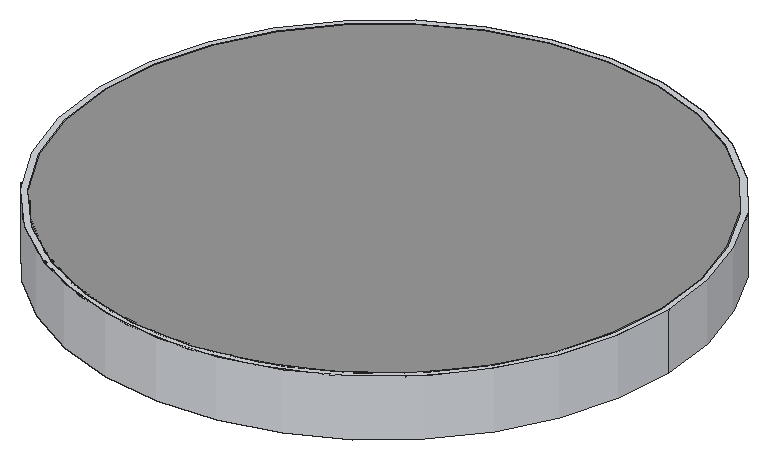
Revit family "2071180", category Lighting Fixtures, host Face, Revit 2018
Family settings
  Host = Face
  Round Connector Dimension = Use Diameter
  Part Type = Normal
  OmniClass Number = 23.80.70.00
  OmniClass Title = Lighting
  Cut with Voids When Loaded = No
  Light Source = Yes
  Shared = No
  Room Calculation Point = No
Parameters (values of type "2071180 COLOSSAL 600 840 PR DIR WHT EM")
  iner diameter = 588 mm
  Weight = "n/a"
  Wattage Comments = ""
  Wattage = 30 W
  WarrantyStartDate [instance] = "n/a"
  WarrantyGuarantorParts = "n/a"
  WarrantyDurationUnit = "n/a"
  WarrantyDurationParts = ""
  WarrantyDescription = "http://www.sylvania-lighting.com"
  built-in parameter 1150110 = 1 (stored number, unit not read)
  Voltage = 230 V
  URL = "0.95"
  TypeName = "COLOSSAL 600mm 840 PRISM DIR WHITE EM"
  Type Image = <None>
  Type Comments = "n/a"
  built-in parameter 1114217 = 1 (stored number, unit not read)
  Tilt Angle = -90.00°
  built-in parameter 1150109 = 1 (stored number, unit not read)
  built-in parameter 1150134 = (empty or 0)
  built-in parameter 1150113 = 1 (stored number, unit not read)
  SerialNumber [instance] = "n/a"
  Photometric Web File = "2071180.ies"
  Material_3_SYL = LED-Sylvania
  PowerFactor = 0
  PowerConsumption = "Lighting"
  NominalLength = 600 mm
  NominalHeight = 93 mm
  NominalDepth = 600 mm
  Name = "COLOSSAL 600mm 840 PRISM DIR WHITE EM"
  ModelReference = Name  # "COLOSSAL 600mm 840 PRISM DIR WHITE EM"
  ModelNumber = "2071180"
  Model = Name  # "COLOSSAL 600mm 840 PRISM DIR WHITE EM"
  Material = "Feilo Sylvania"
  ManufacturerName = "124 lm/W"
  Manufacturer = ""
  LuminousEfficacy = ""
  built-in parameter 1150105 = 270.44 (stored number, unit not read)
  Lumens = 3398.4 lm
  LuminaireType = "0"
  built-in parameter 1150115 = 1 (stored number, unit not read)
  LightOutputRatio = "LED"
  built-in parameter 1150137 = (empty or 0)
  built-in parameter 1150139 = (empty or 0)
  LampsType = Lamp  # "n/a"
  LampNominalLuminous = "4000 K"
  LampMacAdamStep = "80"
  LampColourTemperature = "LED"
  LampColourRenderingIndex = "16500"
  built-in parameter 1150112 = 1 (stored number, unit not read)
  built-in parameter 1150114 = 1 (stored number, unit not read)
  Lamp = "n/a"
  Keynote = "n/a"
  InstallationDate [instance] = "n/a"
  InputVoltage = "0"
  InputNominalFrequency = "4000"
  built-in parameter 1150132 = (empty or 0)
  built-in parameter 1150102 = (empty or 0)
  built-in parameter 1150107 = 3000 (stored number, unit not read)
  built-in parameter 1150138 = (empty or 0)
  IngressProtection = "IfcLightFixtureType"
  ImpactProtectionIndex = "IfcLightFixtureType"
  built-in parameter 1150106 = 2.7044 (stored number, unit not read)
  IfcExportType = "IfcLightFixtureType"
  IfcExportAs = "Class I"
  Emit from Circle Diameter = 385 mm
  Emit Shape Visible in Rendering = no
  ElectricShockClassification = "124"
  built-in parameter 1150104 = 10.524 (stored number, unit not read)
  DocumentationLiterature = "http://www.sylvania-lighting.com/product/en-int/products/2071180"
  DimmingControlOptions = "n/a"
  Material_2_SYL = Polycarbonate_Sylvania_White
  Dimming Lamp Color Temperature Shift = <None>
  Description = "600mm diameter circular architectural luminaire, can be surface mounted or suspended. Powder coated aluminium housing (RAL9016) with PMMA prismatic diffuser. Direct light distribution, 3995lm luminuous flux, 32.1W system power, 125lm/W luminiaire efficacy. Constant current driver. 3 hours integrated emergency. Colour rendering index Ra >80, 4000K Neutral White LED, chromaticity tolerance of 3-step MacAdam ellipse. IP40, IK03. 350mA drive current. UGR≤19. Electrical protection Class1, 220-240V. Reported lifetime 66k hours L90B10."
  Default Elevation = 1219.2 mm
  CreatedOn = "23/03/2022"
  CreatedBy = "@sylvania-lighting.com"
  Cost = 0
  Color Filter = 16777215
  built-in parameter 1114216 [instance] = (empty or 0)
  ClassificationValue = "EF_70_80"
  ClassificationName = "Uniclass2015"
  Material_1_SYL = Polycarbonate_Sylvania_Opal
  BarCode [instance] = "n/a"
  built-in parameter 1114218 = 1 (stored number, unit not read)
  built-in parameter 1150133 = 10 (stored number, unit not read)
  AssetType = "Fixed"
  AssetIdentifier [instance] = "n/a"
  Assembly Code = "D5020200"
  Apparent Load = 32.1 VA
  Material_4_SYL = none
Reference planes
  plane 1 "Center (Front/Back)": y = 0
  plane 2: z = 0
  plane 3 "Center (Left/Right)": x = 0
  plane 4: x = -300
  plane 5: x = 300
  plane 6: y = 300
  plane 7: y = -300
  plane 8: y = 212
  plane 9: y = -212
  plane 10: z = 93
  plane 11: y = 294
  plane 12: y = -294
  plane 13: through (0, 0, 1219.2) normal (0.5, -0.866, 0)
  plane 14: through (-134.29, 20.617, 1219.2) normal (0.5, -0.866, 0)
  plane 15: through (-144.685, -181.683, 1219.2) normal (-0.5, 0.866, 0)
  plane 16: through (0, 0, 1219.2) normal (0.5, 0.866, 0)
  plane 17: through (178.555, -4.939, 1219.2) normal (0.5, 0.866, 0)
  plane 18: through (87.581, -148.715, 1219.2) normal (0.5, 0.866, 0)
  plane 19: y = 272
  plane 20: through (105.168, 227.067, 1219.2) normal (0.866, 0.5, 0)
  plane 21: through (-104.171, 225.672, 1219.2) normal (0.8572, -0.515, 0)
  plane 22: y = -204.612
  plane 23: through (-296.643, -30.2, 1219.2) normal (0.866, 0.5, 0)
  plane 24: through (153.092, -278.837, 1219.2) normal (-0.866, 0.5, 0)
Forms (mm)
  Extrusion 1, solid, detail levels medium+fine
    sketch origin (0, 0, 0) x (1, 0, 0) y (0, 1, 0)
      loop
        circle (0, 0) r 300
    from 33.023 to 93
  Extrusion 2, void
    sketch origin (0, 0, 0) x (1, 0, 0) y (0, 1, 0)
      loop
        circle (0, 0) r 294
    from 93 to 37.292
  Extrusion 3, solid, material "Glass, White, High Luminance", detail levels fine
    sketch origin (0, 0, 0) x (1, 0, 0) y (0, 1, 0)
      loop
        circle (0, 0) r 294
    from 88.026 to 93
  Extrusion 4, solid, detail levels coarse
    sketch origin (0, 0, 0) x (1, 0, 0) y (0, 1, 0)
      loop
        line (-300, 300) -> (-300, -300) -> (300, -300) -> (300, 300) -> (-300, 300)
    from 0 to 93
  Blend 5, solid, detail levels medium+fine
    base sketch origin (0, 0, 0) x (1, 0, 0) y (0, 1, 0)
      loop
        line (-76.334, 272) -> (-277.665, -63.07) -> (-195.946, -204.612) -> (195.946, -204.612) -> (275.172, -67.388) -> (79.226, 272) -> (-76.334, 272)
    top sketch origin (0, 0, 0) x (1, 0, 0) y (0, 1, 0)
      loop
        line (-226.097, -32.388) -> (-141.097, -179.612) -> (141.097, -179.612) -> (226.097, -32.388) -> (85, 212) -> (-85, 212) -> (-226.097, -32.388)
    from 33.023 to 0
Cuts and joins
  Extrusion 2 cuts Extrusion 1
Lines and regions (mm)
  model lines
    curve 1: line (-85, 212, 0) -> (0, 212, 0)
    curve 2: line (0, 212, 0) -> (85, 212, 0)
Dimensions and locks
  "NominalDepth": plane 6 to plane 7
  "NominalLength": plane 4 to plane 5
  equal spacing: plane 4, plane 3 "Center (Left/Right)", plane 5
  "iner diameter": plane 11 to plane 12
  equal spacing: plane 11, plane 1 "Center (Front/Back)", plane 12
  equal spacing: plane 6, plane 1 "Center (Front/Back)", plane 7
  "NominalHeight": plane 10 to level
  radius of Extrusion 2 sketch curve = 294 mm
  aligned and locked: plane 2 to host face
  aligned and locked: level to host face
Automatic sketch dimensions
  host sketch curve to host sketch curve = 2438.4 mm  (x2)
  plane 1 "Center (Front/Back)" to Extrusion 1 sketch curve = 0 mm
  Extrusion 1 sketch curve to plane 3 "Center (Left/Right)" = 0 mm
  plane 1 "Center (Front/Back)" to Extrusion 2 sketch curve = 0 mm
  Extrusion 2 sketch curve to plane 3 "Center (Left/Right)" = 0 mm
  plane 1 "Center (Front/Back)" to Extrusion 3 sketch curve = 0 mm
  Extrusion 3 sketch curve to plane 3 "Center (Left/Right)" = 0 mm
  Extrusion 4 sketch curve to plane 4 = 0 mm
  Extrusion 4 sketch curve to plane 5 = 0 mm
  Extrusion 4 sketch curve to plane 7 = 0 mm
  Extrusion 4 sketch curve to plane 6 = 0 mm
  Blend 5 sketch curve to plane 8 = 0 mm
  Blend 5 sketch curve to plane 3 "Center (Left/Right)" = 85 mm
  plane 3 "Center (Left/Right)" to Blend 5 sketch curve = 85 mm
  plane 9 to Blend 5 sketch curve = 32.388 mm
  plane 3 "Center (Left/Right)" to Blend 5 sketch curve = 141.097 mm
  plane 1 "Center (Front/Back)" to Blend 5 sketch curve = 32.388 mm  (x2)
  Blend 5 sketch curve to plane 5 = 73.903 mm
  Blend 5 sketch curve to plane 3 "Center (Left/Right)" = 141.097 mm
  plane 4 to Blend 5 sketch curve = 73.903 mm
  curve 1 to plane 8 = 0 mm
  curve 2 to plane 3 "Center (Left/Right)" = 0 mm
  curve 1 to plane 3 "Center (Left/Right)" = 85 mm
  curve 1 to curve 2 = 85 mm
  Blend 5 sketch curve to plane 21 = 0 mm
  Blend 5 sketch curve to plane 23 = 0 mm  (x2)
  Blend 5 sketch curve to plane 22 = 0 mm
  Blend 5 sketch curve to plane 19 = 0 mm
  plane 21 to Blend 5 sketch curve = 0 mm
  Blend 5 sketch curve to plane 20 = 0 mm  (x2)
  Blend 5 sketch curve to plane 24 = 0 mm  (x2)
  radius of Extrusion 1 sketch curve = 300 mm
  radius of Extrusion 3 sketch curve = 294 mm
Connectors
  electrical at (0, 0, 0), driven by "Apparent Load", driven by "PowerFactor", driven by "Voltage"
    settings: index 1, voltage 230 V, apparent load 32.1 VA, apparent load phase1 0 VA, apparent load phase2 0 VA, apparent load phase3 0 VA, power factor 0, load classification "Lighting", number of poles 1, system type 30, power factor state 1, is connector primary yes, connector utility no, sub classification motor no, connector description ""
